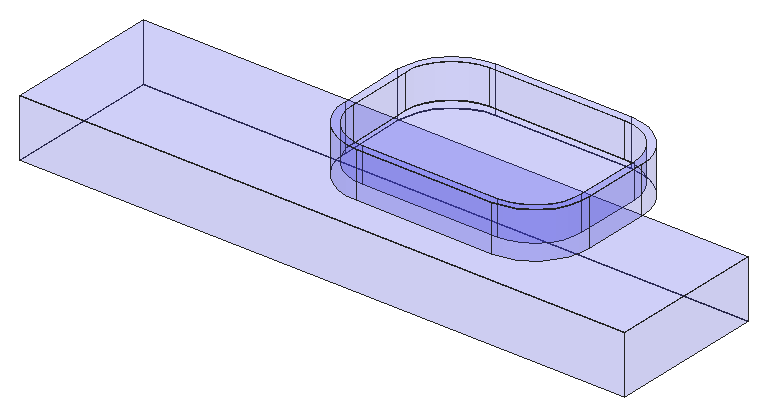
Revit family
Parameters (values of type "Tipo 1")
  Assembly Code = ""
Reference planes
  plane 1: y = 0
  plane 2 "Centro (Sinistra/Destra)": x = 125
  plane 3 "Indietro": y = 75
Forms (mm)
  Extrusion 1, solid, material "MensolaBagno"
    sketch origin (0, 0, 0) x (1, 0, 0) y (0, 1, 0)
      loop
        line (1385, 75) -> (1385, 475) -> (-175, 475) -> (-175, 75) -> (1385, 75)
    from 610 to 760
  Extrusion 2, solid, material "LavelloBagno"
    sketch origin (39.955, -169.382, 0) x (1, 0, 0) y (0, 1, 0)
      loop
        arc (935.045, 329.382) -> (1034.04, 370.387) -> (1075.045, 469.382) r 140
        line (1075.045, 469.382) -> (1075.045, 639.382)
        arc (1075.045, 639.382) -> (1034.04, 738.377) -> (935.045, 779.382) r 140
        line (935.045, 779.382) -> (585.045, 779.382)
        arc (585.045, 779.382) -> (486.05, 738.377) -> (445.045, 639.382) r 140
        line (445.045, 639.382) -> (445.045, 469.382)
        arc (445.045, 469.382) -> (486.05, 370.387) -> (585.045, 329.382) r 140
        line (585.045, 329.382) -> (935.045, 329.382)
    from 760 to 880
  Extrusion 3, void
    sketch origin (0, 0, 0) x (1, 0, 0) y (0, 1, 0)
      loop
        line (975, 590) -> (625, 590)
        arc (625, 590) -> (540.147, 554.853) -> (505, 470) r 120
        line (505, 470) -> (505, 300)
        arc (505, 300) -> (540.147, 215.147) -> (625, 180) r 120
        line (625, 180) -> (975, 180)
        arc (975, 180) -> (1059.853, 215.147) -> (1095, 300) r 120
        line (1095, 300) -> (1095, 470)
        arc (1095, 470) -> (1059.853, 554.853) -> (975, 590) r 120
    from 790 to 880
Cuts and joins
  Extrusion 3 cuts Extrusion 2
Text (mm)
  text "Lato posizione" at (-1343.702, 674.496, 0), in view "Livello rif."
  text "Lato posizione" at (0, 1232.041, 2958.779), in view "Sinistra"
  text "Lato posizione" at (0, 590.385, 3035.99), in view "Destra"
Dimensions and locks
  locked: plane 3 "Indietro" to host wall at 0
  aligned and locked: plane 1 to host wall
